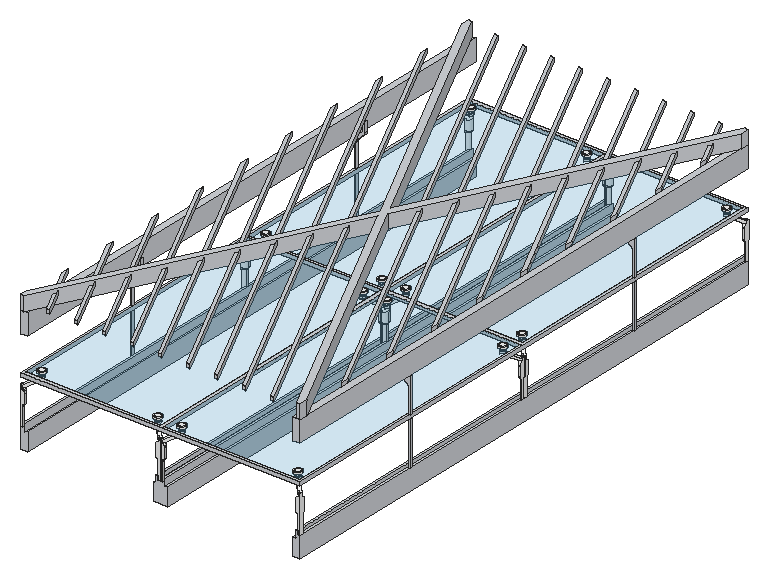
Revit family "Spider Glass With Mullions", category Generic Models, Revit 2021
Family settings
  Can host rebar = No
  Round Connector Dimension = Use Diameter
  Part Type = Normal
  OmniClass Number = 23.40.20.00
  OmniClass Title = General Furniture and Specialties
  Work Plane-Based = No
  Always vertical = Yes
  Cut with Voids When Loaded = No
  Shared = No
  Room Calculation Point = No
Parameters
  Thick Frame = none
  Spider Material = Aluminum
  Small Frame = none
  Default Elevation = 0.000 m
Reference planes (m)
  plane 1 "Center (Front/Back)": y = 0
  plane 2: z = 0
  plane 3 "Center (Left/Right)": x = 0
  plane 4 "Up": z = 0.768638
  plane 5: x = -1.000176
Forms (m)
  Sweep 1, solid, material <- "Thick Frame"
    path origin (-0.004625, -0.255241, -0.082244) x (-0.892653, -0.450745, 0) y (0.450745, -0.892653, 0)
      loop
        line (0.782313, 1.559549) -> (-1.020668, -2.011062)
    profile origin (0, 0, -0.082244) x (-1, 0, 0) y (0, 0, 1)
      loop
        line (-0.05, 0.025) -> (0.05, 0.025) -> (0.05, 0.15) -> (0.035, 0.15) -> (0.035, 0.2) -> (0.02, 0.2) -> (0.02, 0.175) -> (-0.02, 0.175) -> (-0.02, 0.2) -> (-0.035, 0.2) -> (-0.035, 0.15) -> (-0.05, 0.15) -> (-0.05, 0.025)
  Sweep 2, solid, material <- "Thick Frame"
    path origin (-0.995601, -0.255241, -0.082244) x (0.892653, -0.450745, 0) y (0.450745, 0.892653, 0)
      loop
        line (-1.020623, 2.011084) -> (0.782358, -1.559526)
    profile origin (-1.000176, 0, -0.082244) x (1, 0, 0) y (0, 0, 1)
      loop
        line (0.05, 0.025) -> (0.05, 0.15) -> (0.035, 0.15) -> (0.035, 0.2) -> (0.02, 0.2) -> (0.02, 0.175) -> (0, 0.175) -> (0, 0.025) -> (0.05, 0.025)
  Extrusion 3, solid
    sketch origin (0.52495, 0.9825, 0.432844) x (1, 0, 0) y (0, 0, -1)
      loop
        line (-1.515126, 0.340088) -> (-1.525126, 0.340088) -> (-1.525126, 0.025) -> (-1.515126, 0.025) -> (-1.515126, 0.340088)
    from 0 to 0.015
  Extrusion 4, solid
    sketch origin (0.52495, -1.0025, 0.432844) x (1, 0, 0) y (0, 0, 1)
      loop
        line (-1.515126, -0.340088) -> (-1.515126, -0.025) -> (-1.525126, -0.025) -> (-1.525126, -0.340088) -> (-1.515126, -0.340088)
    from 0 to 0.015
  Extrusion 5, solid
    sketch origin (0.52495, 0.9825, 0.432844) x (1, 0, 0) y (0, 0, -1)
      loop
        arc (-1.510732, -0.179293) -> (-1.513984, -0.174427) -> (-1.515126, -0.168686) r 0.015
        line (-1.515126, -0.168686) -> (-1.515126, 0) -> (-1.525126, 0) -> (-1.525126, -0.249853) -> (-1.475126, -0.249853) -> (-1.475126, -0.321569) -> (-1.448457, -0.321569) -> (-1.448457, -0.247782)
        arc (-1.448457, -0.247782) -> (-1.449598, -0.242041) -> (-1.45285, -0.237175) r 0.015
        line (-1.45285, -0.237175) -> (-1.510732, -0.179293)
    from 0 to 0.015
  Extrusion 6, solid
    sketch origin (0.52495, -1.0025, 0.432844) x (1, 0, 0) y (0, 0, 1)
      loop
        line (-1.510732, 0.179293) -> (-1.45285, 0.237175)
        arc (-1.45285, 0.237175) -> (-1.449598, 0.242041) -> (-1.448457, 0.247782) r 0.015
        line (-1.448457, 0.247782) -> (-1.448457, 0.321569) -> (-1.475126, 0.321569) -> (-1.475126, 0.249853) -> (-1.525126, 0.249853) -> (-1.525126, 0) -> (-1.515126, 0) -> (-1.515126, 0.168686)
        arc (-1.515126, 0.168686) -> (-1.513984, 0.174427) -> (-1.510732, 0.179293) r 0.015
    from 0 to 0.015
  Extrusion 7, solid, material "Glass"
    sketch origin (-0.755088, -0.060101, 0.407844) x (1, 0, 0) y (0, 1, 0)
      loop
        line (-0.224987, -1.919799) -> (0.744987, -1.919799) -> (0.744987, 0.05) -> (-0.224987, 0.05) -> (-0.224987, -1.919799)
      loop
        line (-0.224987, 2.04) -> (-0.224987, 0.070101) -> (0.744987, 0.070101) -> (0.744987, 2.04) -> (-0.224987, 2.04)
      loop
        line (1.734711, 2.04) -> (0.765088, 2.04) -> (0.765088, 0.070101) -> (1.734711, 0.070101) -> (1.734711, 2.04)
      loop
        line (1.734711, -1.919799) -> (1.734711, 0.05) -> (0.765088, 0.05) -> (0.765088, -1.919799) -> (1.734711, -1.919799)
    from 0 to 0.025
  Extrusion 8, solid, material <- "Small Frame"
    sketch origin (-0.755088, -0.060101, 0.432844) x (1, 0, 0) y (0, 1, 0)
      loop
        line (1.754912, -1.939899) -> (1.754912, 2.060101) -> (-0.245088, 2.060101) -> (-0.245088, -1.939899) -> (1.754912, -1.939899)
      loop
        line (0.744987, -1.919799) -> (0.744987, 0.05) -> (-0.224987, 0.05) -> (-0.224987, -1.919799) -> (0.744987, -1.919799)
      loop
        line (0.765088, 0.05) -> (0.765088, -1.919799) -> (1.734711, -1.919799) -> (1.734711, 0.05) -> (0.765088, 0.05)
      loop
        line (0.744987, 0.070101) -> (0.744987, 2.04) -> (-0.224987, 2.04) -> (-0.224987, 0.070101) -> (0.744987, 0.070101)
      loop
        line (0.765088, 2.04) -> (0.765088, 0.070101) -> (1.734711, 0.070101) -> (1.734711, 2.04) -> (0.765088, 2.04)
    from -0.025 to 0
  Extrusion 9, solid, material <- "Thick Frame"
    sketch origin (-3.600176, -0.1, 0.907696) x (1, 0, 0) y (0, 1, 0)
      loop
        line (2.627951, 2.1) -> (2.6, 2.1) -> (2.6, 2.044098) -> (4.572049, -1.9) -> (4.6, -1.9) -> (4.6, -1.844098) -> (2.627951, 2.1)
    from -0.075 to 0.025
  Extrusion 10, solid, material <- "Thick Frame"
    sketch origin (-3.600176, -0.1, 0.907696) x (1, 0, 0) y (0, 1, 0)
      loop
        line (4.572049, 2.1) -> (2.6, -1.844098) -> (2.6, -1.9) -> (2.627951, -1.9) -> (4.6, 2.044098) -> (4.6, 2.1) -> (4.572049, 2.1)
    from -0.075 to 0.025
  Extrusion 11, solid, material <- "Thick Frame"
    sketch origin (-3.600176, -0.1, 0.832696) x (0, 1, 0) y (1, 0, 0)
      loop
        line (2.1, 4.6) -> (-1.9, 4.6) -> (-1.9, 4.55) -> (2.1, 4.55) -> (2.1, 4.6)
    from 0 to 0.15
  Extrusion 12, solid, material <- "Thick Frame"
    sketch origin (-3.600176, -0.1, 0.832696) x (0, 1, 0) y (1, 0, 0)
      loop
        line (2.1, 2.6) -> (2.1, 2.65) -> (-1.9, 2.65) -> (-1.9, 2.6) -> (2.1, 2.6)
    from 0 to 0.15
  Extrusion 13, solid, material <- "Small Frame"
    sketch origin (-8.447336, -0.009633, 0.882696) x (1, 0, 0) y (0, 1, 0)
      loop
        line (9.23318, -1.990367) -> (9.261131, -1.990367) -> (7.44716, 1.637574) -> (7.44716, 1.581672) -> (9.23318, -1.990367)
      loop
        line (9.033175, -1.990367) -> (9.061126, -1.990367) -> (7.44716, 1.237563) -> (7.44716, 1.181662) -> (9.033175, -1.990367)
      loop
        line (8.83317, -1.990367) -> (8.861121, -1.990367) -> (7.44716, 0.837553) -> (7.44716, 0.781652) -> (8.83317, -1.990367)
      loop
        line (8.633165, -1.990367) -> (8.661115, -1.990367) -> (7.44716, 0.437543) -> (7.44716, 0.381641) -> (8.633165, -1.990367)
      loop
        line (8.433159, -1.990367) -> (8.46111, -1.990367) -> (7.44716, 0.037533) -> (7.44716, -0.018369) -> (8.433159, -1.990367)
      loop
        line (8.233154, -1.990367) -> (8.261105, -1.990367) -> (7.44716, -0.362477) -> (7.44716, -0.418379) -> (8.233154, -1.990367)
      loop
        line (8.033149, -1.990367) -> (8.0611, -1.990367) -> (7.44716, -0.762488) -> (7.44716, -0.818389) -> (8.033149, -1.990367)
      loop
        line (7.833144, -1.990367) -> (7.861095, -1.990367) -> (7.44716, -1.162498) -> (7.44716, -1.218399) -> (7.833144, -1.990367)
      loop
        line (7.633139, -1.990367) -> (7.66109, -1.990367) -> (7.44716, -1.562508) -> (7.44716, -1.61841) -> (7.633139, -1.990367)
      loop
        line (9.44716, -1.618308) -> (9.44716, -1.562406) -> (7.661141, 2.009633) -> (7.63319, 2.009633) -> (9.44716, -1.618308)
      loop
        line (9.44716, -1.218297) -> (9.44716, -1.162396) -> (7.861146, 2.009633) -> (7.833195, 2.009633) -> (9.44716, -1.218297)
      loop
        line (9.44716, -0.818287) -> (9.44716, -0.762386) -> (8.061151, 2.009633) -> (8.0332, 2.009633) -> (9.44716, -0.818287)
      loop
        line (9.44716, -0.418277) -> (9.44716, -0.362375) -> (8.261156, 2.009633) -> (8.233205, 2.009633) -> (9.44716, -0.418277)
      loop
        line (9.44716, -0.018267) -> (9.44716, 0.037635) -> (8.461161, 2.009633) -> (8.43321, 2.009633) -> (9.44716, -0.018267)
      loop
        line (9.44716, 0.381743) -> (9.44716, 0.437645) -> (8.661166, 2.009633) -> (8.633216, 2.009633) -> (9.44716, 0.381743)
      loop
        line (9.44716, 0.781754) -> (9.44716, 0.837655) -> (8.861172, 2.009633) -> (8.833221, 2.009633) -> (9.44716, 0.781754)
      loop
        line (9.44716, 1.181764) -> (9.44716, 1.237665) -> (9.061177, 2.009633) -> (9.033226, 2.009633) -> (9.44716, 1.181764)
      loop
        line (9.44716, 1.581774) -> (9.44716, 1.637676) -> (9.261182, 2.009633) -> (9.233231, 2.009633) -> (9.44716, 1.581774)
    from 0 to 0.025
  Sweep 14, solid, material <- "Thick Frame"
    path origin (0.995249, -0.255241, -0.082244) x (-0.892653, -0.450745, 0) y (0.450745, -0.892653, 0)
      loop
        line (-1.020623, -2.011084) -> (0.782358, 1.559526)
    profile origin (0.999824, 0, -0.082244) x (1, 0, 0) y (0, 0, 1)
      loop
        line (-0.05, 0.025) -> (0, 0.025) -> (0, 0.175) -> (-0.02, 0.175) -> (-0.02, 0.2) -> (-0.035, 0.2) -> (-0.035, 0.15) -> (-0.05, 0.15) -> (-0.05, 0.025)
  Extrusion 15, solid
    sketch origin (-0.525302, 0.9825, 0.432844) x (-1, 0, 0) y (0, 0, 1)
      loop
        line (-1.515126, -0.340088) -> (-1.515126, -0.025) -> (-1.525126, -0.025) -> (-1.525126, -0.340088) -> (-1.515126, -0.340088)
    from 0 to 0.015
  Extrusion 16, solid
    sketch origin (-0.525302, -1.0025, 0.432844) x (-1, 0, 0) y (0, 0, -1)
      loop
        line (-1.515126, 0.340088) -> (-1.525126, 0.340088) -> (-1.525126, 0.025) -> (-1.515126, 0.025) -> (-1.515126, 0.340088)
    from 0 to 0.015
  Extrusion 17, solid
    sketch origin (-0.525302, 0.9825, 0.432844) x (-1, 0, 0) y (0, 0, 1)
      loop
        line (-1.510732, 0.179293) -> (-1.45285, 0.237175)
        arc (-1.45285, 0.237175) -> (-1.449598, 0.242041) -> (-1.448457, 0.247782) r 0.015
        line (-1.448457, 0.247782) -> (-1.448457, 0.321569) -> (-1.475126, 0.321569) -> (-1.475126, 0.249853) -> (-1.525126, 0.249853) -> (-1.525126, 0) -> (-1.515126, 0) -> (-1.515126, 0.168686)
        arc (-1.515126, 0.168686) -> (-1.513984, 0.174427) -> (-1.510732, 0.179293) r 0.015
    from 0 to 0.015
  Extrusion 18, solid
    sketch origin (-0.525302, -1.0025, 0.432844) x (-1, 0, 0) y (0, 0, -1)
      loop
        arc (-1.510732, -0.179293) -> (-1.513984, -0.174427) -> (-1.515126, -0.168686) r 0.015
        line (-1.515126, -0.168686) -> (-1.515126, 0) -> (-1.525126, 0) -> (-1.525126, -0.249853) -> (-1.475126, -0.249853) -> (-1.475126, -0.321569) -> (-1.448457, -0.321569) -> (-1.448457, -0.247782)
        arc (-1.448457, -0.247782) -> (-1.449598, -0.242041) -> (-1.45285, -0.237175) r 0.015
        line (-1.45285, -0.237175) -> (-1.510732, -0.179293)
    from 0 to 0.015
Cuts and joins
  joined: Extrusion 9, Extrusion 10
Dimensions and locks (m)
  aligned and locked: level to plane 2
Nested families (m)
  nested 1: "Steel Spider Clip" at (0, 0, 0.342756) x (1, 0, 0) z (0, -1, 0), type "Steel Spider Clip"
  nested 2: "Steel Spider Clip" at (0, 0, 0.342756) x (-1, 0, 0) z (0, -1, 0), type "Steel Spider Clip"
  nested 3: "Steel Spider Clip" at (0, 0, 0.342756) x (1, 0, 0) z (0, 1, 0), type "Steel Spider Clip"
  nested 4: "Steel Spider Clip" at (0, 0, 0.342756) x (-1, 0, 0) z (0, 1, 0), type "Steel Spider Clip"
  nested 5: "Steel Spider Clip" at (-1.000176, 0, 0.342756) x (-1, 0, 0) z (0, -1, 0), type "Steel Spider Clip"
  nested 6: "Steel Spider Clip" at (-1.000176, 0, 0.342756) x (-1, 0, 0) z (0, 1, 0), type "Steel Spider Clip"
  nested 7: "Steel Spider Clip" at (0, 2, 0.342756) x (1, 0, 0) z (0, 1, 0), type "Steel Spider Clip"
  nested 8: "Steel Spider Clip" at (0, 2, 0.342756) x (-1, 0, 0) z (0, 1, 0), type "Steel Spider Clip"
  nested 9: "Steel Spider Clip" at (-1.000176, 2, 0.342756) x (-1, 0, 0) z (0, 1, 0), type "Steel Spider Clip"
  nested 10: "Steel Spider Clip" at (0, -2, 0.342756) x (1, 0, 0) z (0, -1, 0), type "Steel Spider Clip"
  nested 11: "Steel Spider Clip" at (0, -2, 0.342756) x (-1, 0, 0) z (0, -1, 0), type "Steel Spider Clip"
  nested 12: "Steel Spider Clip" at (-1.000176, -2, 0.342756) x (-1, 0, 0) z (0, -1, 0), type "Steel Spider Clip"
  nested 13: "Steel Spider Clip" at (0.999824, 0, 0.342756) x (1, 0, 0) z (0, -1, 0), type "Steel Spider Clip"
  nested 14: "Steel Spider Clip" at (0.999824, 0, 0.342756) x (1, 0, 0) z (0, 1, 0), type "Steel Spider Clip"
  nested 15: "Steel Spider Clip" at (0.999824, 2, 0.342756) x (1, 0, 0) z (0, 1, 0), type "Steel Spider Clip"
  nested 16: "Steel Spider Clip" at (0.999824, -2, 0.342756) x (1, 0, 0) z (0, -1, 0), type "Steel Spider Clip"
Definition of nested family "Steel Spider Clip"
  Parameters (values of type "Steel Spider Clip")
    Material = none
    Manufacturer = "Karam Baki"  # constant formula
    Glass Thickness = 0.025 m
    Default Elevation = 0.000 m
  Reference planes (m)
    plane 1 "Center (Front/Back)": y = 0
    plane 2: z = 0
    plane 3 "Center (Left/Right)": x = 0
    plane 4 "Interior Face of Glass": y = 0.0635
    plane 5 "Exterior Face of Glass": y = 0.0885
    plane 6: z = 0
  Forms (m)
    Extrusion 1, solid, material <- "Material"
      sketch origin (-0.006735, 0, -0.006735) x (0.707107, 0, 0.707107) y (0, -1, 0)
        loop
          line (0, 0) -> (-0.0254, 0) -> (-0.08627, -0.027532) -> (-0.09525, -0.036512) -> (-0.09525, -0.049212) -> (-0.127, -0.049212) -> (-0.127, -0.053975) -> (-0.09525, -0.053975) -> (0, -0.009419) -> (0, 0)
      from 0.009525 to -0.009525
    Extrusion 2, solid, material <- "Material"
      sketch origin (0, 0.0635, 0) x (-1, 0, 0) y (0, 0, 1)
        loop
          circle (0.085312, -0.085312) r 0.00635
      from 0.025 <- "Glass Thickness" to 0
    Extrusion 3, solid, material <- "Material"
      sketch origin (0, 0.0635, 0) x (-1, 0, 0) y (0, 0, 1)
        loop
          circle (0.085312, -0.085312) r 0.0127
      from 0 to -0.009525
    Extrusion 4, solid, material <- "Material"
      sketch origin (0, 0.0635, 0) x (-1, 0, 0) y (0, 0, 1)
        loop
          circle (0.085312, -0.085312) r 0.01905
      from -0.001587 to -0.007938
    Extrusion 5, solid, material <- "Material"
      sketch origin (0, 0.0885, 0) x (-1, 0, 0) y (0, 0, 1)
        loop
          circle (0.085312, -0.085312) r 0.02
      from 0 to 0.009525
    Extrusion 6, solid, material <- "Material"
      sketch origin (0, 0.0885, 0) x (-1, 0, 0) y (0, 0, 1)
        loop
          circle (0.085312, -0.085312) r 0.03
      from 0.001587 to 0.007938
    Extrusion 7, solid, material <- "Material"
      sketch origin (0, 0, 0) x (1, 0, 0) y (0, 0, 1)
        loop
          line (0, -0.02) -> (0, 0) -> (-0.02, 0)
          arc (-0.02, 0) -> (-0.014142, -0.014142) -> (0, -0.02) r 0.02
      from 0.113159 to 0.25
    Extrusion 8, solid, material <- "Material"
      sketch origin (0, 0, 0) x (1, 0, 0) y (0, 0, 1)
        loop
          line (0, -0.0127) -> (0, 0) -> (-0.0127, 0)
          arc (-0.0127, 0) -> (-0.00898, -0.00898) -> (0, -0.0127) r 0.0127
      from -0.015875 to 0.013065
    Extrusion 9, solid, material <- "Material"
      sketch origin (0, 0, 0) x (1, 0, 0) y (0, 0, 1)
        loop
          line (0, -0.03175) -> (0, 0) -> (-0.03175, 0)
          arc (-0.03175, 0) -> (-0.022451, -0.022451) -> (0, -0.03175) r 0.03175
      from 0.009525 to 0.113159
    Sweep 10, void
      path in 3D
        loop
          arc (0, -0.113159, -0.03175) -> (-0.022451, -0.113159, -0.022451) -> (-0.03175, -0.113159, 0) r 0.03175
      profile origin (-0.022451, -0.113159, -0.022451) x (-0.707107, 0, -0.707107) y (0, -1, 0)
        loop
          line (0.002054, 0.002066) -> (-0.01, 0.002066) -> (-0.01, 0)
          arc (-0.01, 0) -> (-0.002929, -0.002929) -> (0, -0.01) r 0.01
          line (0, -0.01) -> (0.002054, -0.01) -> (0.002054, 0.002066)
        loop
          line (0.004001, -0.083634) -> (0, -0.083634)
          arc (0, -0.083634) -> (-0.005858, -0.097776) -> (-0.02, -0.103634) r 0.02
          line (-0.02, -0.103634) -> (-0.02, -0.107459) -> (0.004001, -0.107459) -> (0.004001, -0.083634)
  Cuts and joins
    Sweep 10 cuts Extrusion 9
    joined: Extrusion 1, Extrusion 7, Extrusion 8, Extrusion 9
  Lines and regions (m)
    sketch lines
      curve 1: arc (0, -0.113159, -0.03175) -> (-0.022451, -0.113159, -0.022451) -> (-0.03175, -0.113159, 0) r 0.03175
  Dimensions and locks (m)
    "Glass Thickness": plane 5 "Exterior Face of Glass" to plane 4 "Interior Face of Glass"
    locked: plane 4 "Interior Face of Glass" to plane 1 "Center (Front/Back)" at 0.0635
    aligned and locked: plane 2 to level
    aligned and locked: plane 6 to level
    aligned and locked: Extrusion 7 to Extrusion 9
  Automatic sketch dimensions
    Extrusion 1 sketch curve to plane 1 "Center (Front/Back)" = 0.000 m
    Extrusion 1 sketch curve to plane 4 "Interior Face of Glass" = 0.009525 m
    Extrusion 1 sketch curve to Extrusion 1 sketch curve = 0.03175 m
    Extrusion 1 sketch curve to Extrusion 1 sketch curve = 0.000 m
    Extrusion 1 sketch curve to plane 1 "Center (Front/Back)" = 0.027532 m
    Extrusion 1 sketch curve to Extrusion 1 sketch curve = 0.00898 m  (x2)
    Extrusion 1 sketch curve to Extrusion 1 sketch curve = 0.06087 m
    Extrusion 1 sketch curve to plane 1 "Center (Front/Back)" = 0.009419 m
    Extrusion 1 sketch curve to Extrusion 1 sketch curve = 0.0254 m
    Extrusion 1 sketch curve to Extrusion 1 sketch curve = 0.004763 m
    plane 3 "Center (Left/Right)" to Extrusion 2 sketch curve = 0.085312 m
    level to Extrusion 2 sketch curve = 0.085312 m
    plane 3 "Center (Left/Right)" to Extrusion 3 sketch curve = 0.085312 m
    level to Extrusion 3 sketch curve = 0.085312 m
    plane 3 "Center (Left/Right)" to Extrusion 4 sketch curve = 0.085312 m
    level to Extrusion 4 sketch curve = 0.085312 m
    plane 3 "Center (Left/Right)" to Extrusion 5 sketch curve = 0.085312 m
    level to Extrusion 5 sketch curve = 0.085312 m
    plane 3 "Center (Left/Right)" to Extrusion 6 sketch curve = 0.085312 m
    level to Extrusion 6 sketch curve = 0.085312 m
    Extrusion 7 sketch curve to level = 0.000 m
    Extrusion 7 sketch curve to plane 3 "Center (Left/Right)" = 0.000 m
    Extrusion 7 sketch curve to Extrusion 7 sketch curve = 0.020 m
    Extrusion 8 sketch curve to level = 0.000 m
    Extrusion 8 sketch curve to plane 3 "Center (Left/Right)" = 0.000 m  (x2)
    Extrusion 8 sketch curve to Extrusion 8 sketch curve = 0.0127 m
    Extrusion 9 sketch curve to level = 0.000 m
    Extrusion 9 sketch curve to plane 3 "Center (Left/Right)" = 0.000 m  (x2)
    Extrusion 9 sketch curve to Extrusion 9 sketch curve = 0.03175 m
    profile plane to Sweep 10 sketch curve = 0.000 m
    Sweep 10 sketch curve to profile plane = 0.000 m  (x2)
    profile plane to Sweep 10 sketch curve = 0.010 m
    profile plane to Sweep 10 sketch curve = 0.020 m
    Sweep 10 sketch curve to profile plane = 0.002054 m
    Sweep 10 sketch curve to Sweep 10 sketch curve = 0.004001 m
    Sweep 10 sketch curve to Sweep 10 sketch curve = 0.073634 m
    Sweep 10 sketch curve to Sweep 10 sketch curve = 0.023825 m
    profile plane to Sweep 10 sketch curve = 0.002066 m
    radius of Extrusion 2 sketch curve = 0.00635 m
    radius of Extrusion 3 sketch curve = 0.0127 m
    radius of Extrusion 4 sketch curve = 0.01905 m
    radius of Extrusion 5 sketch curve = 0.020 m
    radius of Extrusion 6 sketch curve = 0.030 m
